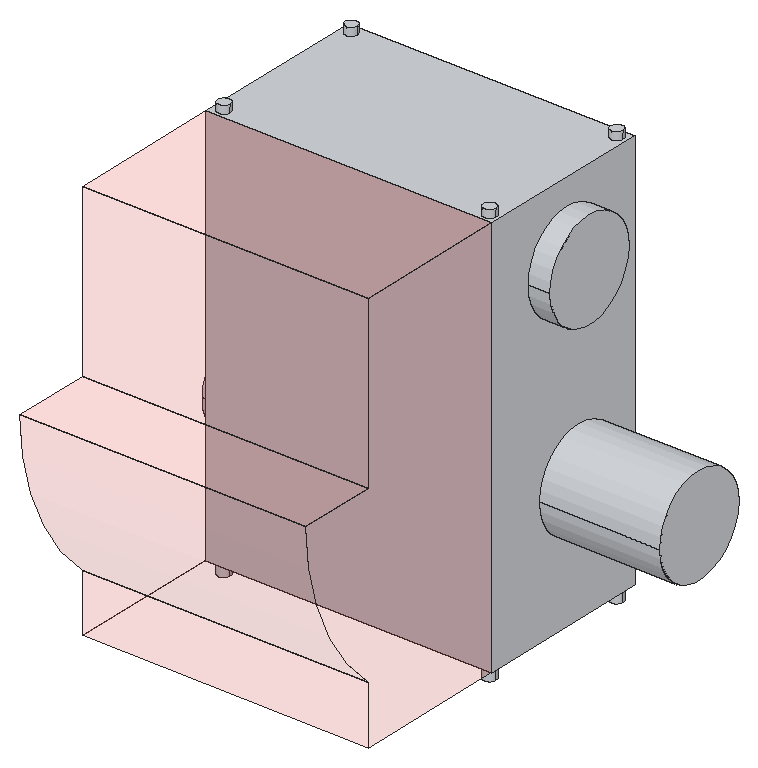
Revit family
Parameters (values of type "115 V Single Phase")
  Weight Scheduled [instance] = 211  # constant formula
  Voltage Workaround = Voltage / 1 V  # 115
  Voltage Scheduled = Voltage  # 115 V
  Voltage = 115 V
  VoltAmps Workaround [instance] = Voltage Workaround * Total FLA * sqrt(Phase)  # 2070
  VoltAmps [instance] = VoltAmps Workaround * 1 VA  # 2070 VA
  URL = "http://www.renewaire.com/_assets/files/SubmittalForms/HE1XINVSubmittal.pdf"
  Total FLA [instance] = if(or(Supply Motor HP = 0, Exhaust Motor HP = 0), 0, Supply Motor FLA + Exhaust Motor FLA)  # 18
  Supply Motor RPM Scheduled [instance] = 0
  Supply Motor HP Scheduled [instance] = Supply Motor HP  # 0.75
  Supply Motor HP [instance] = if(Supply Motor BHP = 0, 0, 0.75)  # 0.75
  Supply Motor FLA [instance] = if(Supply Motor HP = 0, 0, if(Voltage = 115 V, if(Phase = 1, 9, 0), if(or(Voltage = 208 V, Voltage = 230 V), if(Phase = 1, 4.5, if(Phase = 3, 2.3, 0)), if(Voltage = 277 V, if(Phase = 1, 3.9, 0), if(Voltage = 460 V, if(Phase = 3, 1.15, 0), 0)))))  # 9
  Supply Motor Count Scheduled [instance] = Supply Motor Count  # 1
  Supply Motor Count [instance] = 1  # constant formula
  Supply Motor BHP [instance] = if(and(or(Supply ESP = 0, Supply ESP > 0), Supply ESP < 0.25), if(Phase = 1, if(Supply CFM < 970 CFM, 1.998, 0), if(Phase = 3, if(Supply CFM < 970 CFM, 1.67, 0), 0)), if(and(or(Supply ESP = 0.25, Supply ESP > 0.25), Supply ESP < 0.5), if(Phase = 1, if(Supply CFM < 925 CFM, 1.843, 0), if(Phase = 3, if(Supply CFM < 925 CFM, 1.552, 0), 0)), if(and(or(Supply ESP = 0.5, Supply ESP > 0.5), Supply ESP < 0.75), if(Phase = 1, if(Supply CFM < 860 CFM, 1.703, 0), if(Phase = 3, if(Supply CFM < 860 CFM, 1.393, 0), 0)), if(and(or(Supply ESP = 0.75, Supply ESP > 0.75), Supply ESP < 1), if(Phase = 1, if(Supply CFM < 795 CFM, 1.555, 0), if(Phase = 3, if(Supply CFM < 795 CFM, 1.244, 0), 0)), if(and(or(Supply ESP = 0.9, Supply ESP > 0.9), Supply ESP < 1.25), if(Phase = 1, if(Supply CFM < 750 CFM, 1.461, 0), if(Phase = 3, if(Supply CFM < 750 CFM, 1.147, 0), 0)), if(and(or(Supply ESP = 1.25, Supply ESP > 1.25), Supply ESP < 1.5), if(Phase = 1, if(Supply CFM < 635 CFM, 1.273, 0), if(Phase = 3, if(Supply CFM < 635 CFM, 0.926, 0), 0)), if(Supply ESP = 1.5, if(Phase = 1, if(Supply CFM < 480 CFM, 1.106, 0), if(Phase = 3, if(Supply CFM < 480 CFM, 0.682, 0), 0)), 0)))))))  # 1.998
  Supply ESP Scheduled [instance] = Supply ESP  # 0
  Supply ESP [instance] = 0
  Supply CFM Scheduled [instance] = Supply CFM  # 0 CFM
  Supply CFM [instance] = 0 CFM
  Supply Air Winter RH Scheduled [instance] = 0
  Supply Air Winter DB Scheduled [instance] = 0
  Supply Air Summer RH Scheduled [instance] = 0
  Supply Air Summer DB Scheduled [instance] = 0
  SUPPLY MOTORIZED DAMPER [instance] = no
  Phase Scheduled = Phase  # 1
  Phase = 1
  Outside Air Winter RH Scheduled [instance] = 0
  Outside Air Winter DB Scheduled [instance] = 0
  Outside Air Summer RH Scheduled [instance] = 0
  Outside Air Summer DB Scheduled [instance] = 0
  Number of Poles = 1
  Model = "HE1XINV"
  Manufacturer = "RenewAire"
  MOCP Scheduled [instance] = MOCP  # 25
  MOCP [instance] = if(or(Supply Motor HP = 0, Exhaust Motor HP = 0), 0, if(Voltage = 115 V, if(Phase = 1, 25, 0), if(or(Voltage = 208 V, Voltage = 230 V), if(Phase = 1, 15, if(Phase = 3, 15, 0)), if(Voltage = 277 V, if(Phase = 1, 15, 0), if(Voltage = 460 V, if(Phase = 3, 15, 0), 0)))))  # 25
  MCA Scheduled [instance] = MCA  # 20.3
  MCA [instance] = if(or(Supply Motor HP = 0, Exhaust Motor HP = 0), 0, if(Voltage = 115 V, if(Phase = 1, 20.3, 0), if(or(Voltage = 208 V, Voltage = 230 V), if(Phase = 1, 10.1, if(Phase = 3, 5.2, 0)), if(Voltage = 277 V, if(Phase = 1, 8.8, 0), if(Voltage = 460 V, if(Phase = 3, 2.6, 0), 0)))))  # 20.3
  FLA Scheduled [instance] = Total FLA  # 18
  Exhaust RH Scheduled [instance] = 0
  Exhaust Motor RPM Scheduled [instance] = 0
  Exhaust Motor HP Scheduled [instance] = Exhaust Motor HP  # 0.75
  Exhaust Motor HP [instance] = if(Exhaust Motor BHP = 0, 0, 0.75)  # 0.75
  Exhaust Motor FLA [instance] = if(Exhaust Motor HP = 0, 0, if(Voltage = 115 V, if(Phase = 1, 9, 0), if(or(Voltage = 208 V, Voltage = 230 V), if(Phase = 1, 4.5, if(Phase = 3, 2.3, 0)), if(Voltage = 277 V, if(Phase = 1, 3.9, 0), if(Voltage = 460 V, if(Phase = 3, 1.15, 0), 0)))))  # 9
  Exhaust Motor Count Scheduled [instance] = Exhaust Motor Count  # 1
  Exhaust Motor Count [instance] = 1  # constant formula
  Exhaust Motor BHP [instance] = if(and(or(Exhaust ESP = 0, Exhaust ESP > 0), Exhaust ESP < 0.25), if(Phase = 1, if(Exhaust CFM < 970 CFM, 1.998, 0), if(Phase = 3, if(Exhaust CFM < 970 CFM, 1.67, 0), 0)), if(and(or(Exhaust ESP = 0.25, Exhaust ESP > 0.25), Exhaust ESP < 0.5), if(Phase = 1, if(Exhaust CFM < 925 CFM, 1.843, 0), if(Phase = 3, if(Exhaust CFM < 925 CFM, 1.552, 0), 0)), if(and(or(Exhaust ESP = 0.5, Exhaust ESP > 0.5), Exhaust ESP < 0.75), if(Phase = 1, if(Exhaust CFM < 860 CFM, 1.703, 0), if(Phase = 3, if(Exhaust CFM < 860 CFM, 1.393, 0), 0)), if(and(or(Exhaust ESP = 0.75, Exhaust ESP > 0.75), Exhaust ESP < 1), if(Phase = 1, if(Exhaust CFM < 795 CFM, 1.555, 0), if(Phase = 3, if(Exhaust CFM < 795 CFM, 1.244, 0), 0)), if(and(or(Exhaust ESP = 0.9, Exhaust ESP > 0.9), Exhaust ESP < 1.25), if(Phase = 1, if(Exhaust CFM < 750 CFM, 1.461, 0), if(Phase = 3, if(Exhaust CFM < 750 CFM, 1.147, 0), 0)), if(and(or(Exhaust ESP = 1.25, Exhaust ESP > 1.25), Exhaust ESP < 1.5), if(Phase = 1, if(Exhaust CFM < 635 CFM, 1.273, 0), if(Phase = 3, if(Exhaust CFM < 635 CFM, 0.926, 0), 0)), if(Exhaust ESP = 1.5, if(Phase = 1, if(Exhaust CFM < 480 CFM, 1.106, 0), if(Phase = 3, if(Exhaust CFM < 480 CFM, 0.682, 0), 0)), 0)))))))  # 1.998
  Exhaust ESP Scheduled [instance] = Exhaust ESP  # 0
  Exhaust ESP [instance] = 0
  Exhaust DB Scheduled [instance] = 0
  Exhaust CFM Scheduled [instance] = Exhaust CFM  # 0 CFM
  Exhaust CFM [instance] = 0 CFM
  Enthalpy Effect Winter Scheduled [instance] = 0
  Enthalpy Effect Summer Scheduled [instance] = 0
  SUPPLY MD DIM [instance] = if(SUPPLY MOTORIZED DAMPER, 1' 2 3/4", 0' 2 3/4")  # 0' - 2 3/4"
  EXHAUST MOTORIZED DAMPER [instance] = yes
  EXHAUST MD DIM [instance] = if(EXHAUST MOTORIZED DAMPER, 1' 2 3/4", 0' 2 3/4")  # 1' - 2 3/4"
Types (6): name | Voltage Workaround | Voltage Scheduled | Voltage | VoltAmps Workaround | VoltAmps | Total FLA | Supply Motor FLA | Supply Motor BHP | SUPPLY MOTORIZED DAMPER | Phase Scheduled | Phase | Number of Poles | MOCP Scheduled | MOCP | MCA Scheduled | MCA | FLA Scheduled | Exhaust Motor FLA | Exhaust Motor BHP | SUPPLY MD DIM
  (no name) | 115 | 115 V | 115 V | 2070 | 2070 VA | 18 | 9 | 1.998 | no | 1 | 1 | 1 | 25 | 25 | 20.3 | 20.3 | 18 | 9 | 1.998 | 0' - 2 3/4"
  208-230 V Single Phase | 208 | 208 V | 208 V | 1872 | 1872 VA | 9 | 4.5 | 1.998 | yes | 1 | 1 | 2 | 15 | 15 | 10.1 | 10.1 | 9 | 4.5 | 1.998 | 1' - 2 3/4"
  115 V Single Phase | 115 | 115 V | 115 V | 2070 | 2070 VA | 18 | 9 | 1.998 | no | 1 | 1 | 1 | 25 | 25 | 20.3 | 20.3 | 18 | 9 | 1.998 | 0' - 2 3/4"
  277 V Single Phase | 277 | 277 V | 277 V | 2160.6 | 2160.6 VA | 7.8 | 3.9 | 1.998 | yes | 1 | 1 | 1 | 15 | 15 | 8.8 | 8.8 | 7.8 | 3.9 | 1.998 | 1' - 2 3/4"
  208-230 V Three Phase | 208 | 208 V | 208 V | 1657.2262 | 1657.23 VA | 4.6 | 2.3 | 1.67 | yes | 3 | 3 | 3 | 15 | 15 | 5.2 | 5.2 | 4.6 | 2.3 | 1.67 | 1' - 2 3/4"
  460 V Three Phase | 460 | 460 V | 460 V | 1832.5098 | 1832.51 VA | 2.3 | 1.15 | 1.67 | yes | 3 | 3 | 3 | 15 | 15 | 2.6 | 2.6 | 2.3 | 1.15 | 1.67 | 1' - 2 3/4"
Reference planes (in)
  plane 1 "Center (Front/Back)": y = 0
  plane 2: z = 0
  plane 3 "Center (Left/Right)": x = 0
Forms (in)
  Extrusion 1, solid
    sketch origin (0, 0, 0) x (1, 0, 0) y (0, 1, 0)
      loop
        line (-17.4375, -10.875) -> (17.4375, -10.875) -> (17.4375, 10.875) -> (-17.4375, 10.875) -> (-17.4375, -10.875)
    from 1.5 to 50.625
  Extrusion 2, solid
    sketch origin (0, 0, 0) x (1, 0, 0) y (0, 1, 0)
      loop
        circle (-16.20874, 9.69393) r 0.75
      loop
        circle (16.20874, 9.69393) r 0.75
      loop
        circle (-16.20874, -9.69393) r 0.75
      loop
        circle (16.20874, -9.69393) r 0.75
    from 0 to 51.5
  Extrusion 3, solid
    sketch origin (17.4375, -8.83753, 0) x (0, 1, 0) y (0, 0, 1)
      loop
        circle (9.33753, 41.5) r 6
    from 0 to 2.75
  Extrusion 4, solid
    sketch origin (-17.4375, -7.94606, 0) x (0, -1, 0) y (0, 0, 1)
      loop
        circle (-8.44606, 41.625) r 6
    from 0 to 2.75
  Extrusion 5, solid
    sketch origin (0, 0, 0) x (0, 1, 0) y (0, 0, 1)
      loop
        line (-10.875, 50.625) -> (-29.75, 50.625) -> (-29.75, 29.875) -> (-39.25, 29.875)
        arc (-39.25, 29.875) -> (-36.7663, 18.26547) -> (-29.75, 8.68833) r 28.375
        line (-29.75, 8.68833) -> (-29.75, 1.5) -> (-10.875, 1.5) -> (-10.875, 50.625)
    from -17.4375 to 17.4375
  Extrusion 6, solid
    sketch origin (17.4375, -8.83753, 0) x (0, 1, 0) y (0, 0, 1)
      loop
        circle (11.08753, 17) r 6
    from 0 to 14.75 <- "EXHAUST MD DIM"
  Extrusion 7, solid
    sketch origin (-17.4375, -7.94606, 0) x (0, -1, 0) y (0, 0, 1)
      loop
        circle (-5.94606, 17) r 6
    from 0 to 2.75 <- "SUPPLY MD DIM"
Cuts and joins
  joined: Extrusion 1, Extrusion 2, Extrusion 3, Extrusion 4
Dimensions and locks (in)
  equal spacing: Extrusion 1 sketch curve, plane 1 "Center (Front/Back)", Extrusion 1 sketch curve
  equal spacing: Extrusion 1 sketch curve, plane 3 "Center (Left/Right)", Extrusion 1 sketch curve
  Extrusion 1 sketch curve to plane 3 "Center (Left/Right)" = 1' - 5 7/16"
  Extrusion 1 sketch curve to plane 1 "Center (Front/Back)" = 0' - 10 7/8"
  cut or joined group of Extrusion 1, Extrusion 2, Extrusion 3, Extrusion 4 to Extrusion 3 sketch curve = 3' - 5 1/2"
  Extrusion 3 sketch curve to cut or joined group of Extrusion 1, Extrusion 2, Extrusion 3, Extrusion 4 = 0' - 10 3/8"
  cut or joined group of Extrusion 1, Extrusion 2, Extrusion 3, Extrusion 4 to Extrusion 4 sketch curve = 3' - 5 5/8"
  cut or joined group of Extrusion 1, Extrusion 2, Extrusion 3, Extrusion 4 to Extrusion 4 sketch curve = 0' - 10 3/8"
Connectors (in)
  hvac at (20.1875, 0.5, 41.5), driven by "Supply CFM"
    settings: on cut or joined group of Extrusion 1, Extrusion 2, Extrusion 3, Extrusion 4, index 1, duct flow 0 CFM, flow factor 0, pres drop 0.00 in-wg, loss coef 0, conn angle 0.00°, conn width 12", conn height 12", conn radius 6", duct sys type 1, conn prof type 0, flow config 1, flow direction 1, loss method 0, conn ref index -1, conn util no, is conn primary yes, conn desc ""
  hvac at (-20.1875, 0.5, 41.625), driven by "Exhaust CFM"
    settings: on cut or joined group of Extrusion 1, Extrusion 2, Extrusion 3, Extrusion 4, index 3, duct flow 0 CFM, flow factor 0, pres drop 0.00 in-wg, loss coef 0, conn angle 0.00°, conn width 12", conn height 12", conn radius 6", duct sys type 3, conn prof type 0, flow config 0, flow direction 1, loss method 0, conn ref index -1, conn util no, is conn primary no, conn desc ""
  electrical at (0, 0, 50.625), driven by "VoltAmps", driven by "Voltage", driven by "Number of Poles"
    settings: on cut or joined group of Extrusion 1, Extrusion 2, Extrusion 3, Extrusion 4, index 5, voltage 115 V, apparent load 2070 VA, apparent load phase1 0 VA, apparent load phase2 0 VA, apparent load phase3 0 VA, power factor 1, load classification "HVAC", number of poles 1, system type 30, power factor state 1, is connector primary yes, connector utility no, sub classification motor no, connector description ""
  hvac at (32.1875, 2.25, 17)
    settings: on Extrusion 6, index 6, duct flow 0 CFM, flow factor 0, pres drop 0.00 in-wg, loss coef 0, conn angle 0.00°, conn width 12", conn height 12", conn radius 6", duct sys type 3, conn prof type 0, flow config 1, flow direction 2, loss method 0, conn ref index -1, conn util no, is conn primary no, conn desc ""
  hvac at (-20.1875, -2, 17)
    settings: on Extrusion 7, index 7, duct flow 0 CFM, flow factor 0, pres drop 0.00 in-wg, loss coef 0, conn angle 0.00°, conn width 12", conn height 12", conn radius 6", duct sys type 1, conn prof type 0, flow config 0, flow direction 2, loss method 0, conn ref index -1, conn util no, is conn primary no, conn desc ""
